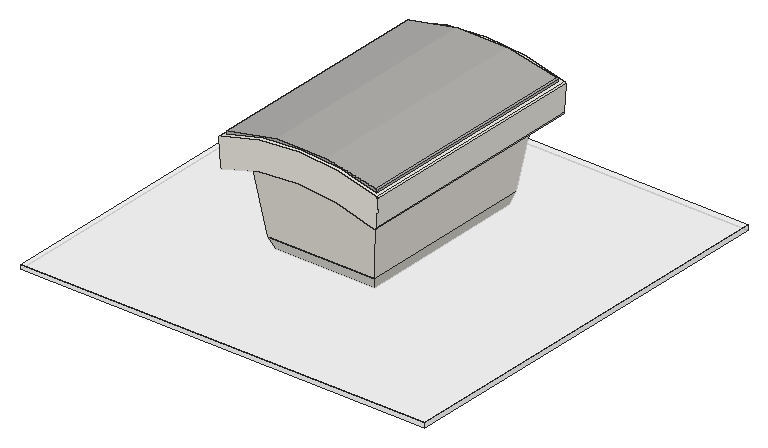
Revit family "BS-1030W", category Communication Devices, host Face, Revit 2016
Family settings
  Host = Face
  Maintain Annotation Orientation = No
  Part Type = Normal
  Round Connector Dimension = Use Diameter
  OmniClass Number = 23.85.10.11.14
  OmniClass Title = Audio Equipment
  Cut with Voids When Loaded = Yes
  Shared = No
  Room Calculation Point = No
Parameters (values of type "BS-1030W")
  Weight = "2.5 kg (unit only)"
  Water Protection = "IPX4 (can be installed vertically or horizontally.*)"
  URL = "http://toa.com.sg"
  Speaker Cord = "2-core cabtyre cord with diameter of 6 mm"
  Speaker Component = "12 cm cone-type + dome-type"
  Sound Pressure Level = "90 dB (1 W, 1 m)"
  Rated Input = "30 W"
  Option = "Mounting bracket: SP-420\r\nApplicable bracket: WCB-13W, SP-410\r\nApplicable stand: ST-16A"
  Model Type = "UNIVERSAL SPEAKER"
  Enclosure Type = "2-way bass-reflex type"
  Rated Impedance = "8Ω\r\n100 V line: 330Ω (30 W), 500Ω (20 W), 670Ω (15 W), 1 kΩ (10 W), 2 kΩ (5 W)\r\n70 V line: 170Ω (30 W), 250Ω (20 W), 330Ω (15 W), 500Ω (10 W), 1 kΩ (5 W)"
  Operating Temperature Range = "–10°C to +50°C"
  Model By = "BIMLIFE PTE LTD"  # constant formula
  Model = "BS-1030B"
  Mesh = White Mesh
  Manufacturer = "TOA Electronics Pte Ltd"  # constant formula
  Supplier Tel = "+65 6835 9119"  # constant formula
  Supplier Fax = "+65 6835 9559"  # constant formula
  Supplier Address = "491B River Valley Road, #19-03/04 Valley Point Office Tower, Singapore 248373"  # constant formula
  Supplier = "TOA Electronics Pte Ltd"  # constant formula
  Suppiler Email = "http://toa.com.sg"  # constant formula
  Material = Pure White
  Frequency Response = "80 Hz– 20 kHz"
  Finish = "Enclosure: ABS resin, white (RAL9010 PURE WHITE), paint\r\nNet: Surface treated steel plate, white (RAL9010 PURE WHITE), powder coating\r\nBracket: Surface treated steel plate, white equivalent to RAL9010 PURE WHITE, powder coating"
  Dimension = "196 (w) x 290 (h) x 150 (d) mm (unit only)"
  Default Elevation = 0 mm
  Copyright To = "TOA Electronics Pte Ltd"  # constant formula
  Accessory = "Bracket•••1, Bracket mounting screw•••2, Bracket mounting washer•••2"
Reference planes
  plane 1 "Center (Front/Back)": y = 0
  plane 2: z = 0
  plane 3 "Center (Left/Right)": x = 0
Forms (mm)
  Extrusion 1, solid, material "Surface"
    sketch origin (1.238, -13.929, 0) x (1, 0, 0) y (0, 1, 0)
      loop
        line (-250, 250) -> (-250, -250) -> (250, -250) -> (250, 250) -> (-250, 250)
    from 0 to -6.497
  Extrusion 2, solid, material "Pure White" <- "Material"
    sketch origin (-434.898, -145, 448.137) x (1, 0, 0) y (0, 0, -1)
      loop
        arc (336.868, 306.287) -> (337.242, 305.06) -> (338.254, 304.288) r 2
        arc (338.254, 304.288) -> (434.898, 288.294) -> (531.543, 304.288) r 300
        arc (531.543, 304.288) -> (532.554, 305.06) -> (532.929, 306.287) r 2
        line (532.929, 306.287) -> (531.234, 338.621)
        arc (531.234, 338.621) -> (530.331, 340.19) -> (528.529, 340.387) r 2
        arc (528.529, 340.387) -> (434.898, 323.294) -> (341.266, 340.387) r 265
        arc (341.266, 340.387) -> (339.466, 340.19) -> (338.562, 338.621) r 2
        line (338.562, 338.621) -> (336.868, 306.287)
    from 0 to 290
  Blend 3, solid, material "Pure White" <- "Material"
    base sketch origin (-77.501, -145, 113.257) x (0, -1, 0) y (1, 0, 0)
      loop
        line (-266.785, 0) -> (-23.215, 0) -> (-23.215, 155) -> (-266.785, 155) -> (-266.785, 0)
    top sketch origin (-77.501, -145, 113.257) x (0, -1, 0) y (1, 0, 0)
      loop
        line (-253.807, 10.914) -> (-36.165, 10.914) -> (-36.165, 143.517) -> (-253.807, 143.517) -> (-253.807, 10.914)
    from 0 to -86.4
  Blend 4, solid, material "Pure White" <- "Material"
    base sketch origin (-77.501, -145, 26.857) x (1, 0, 0) y (0, 1, 0)
      loop
        line (143.517, 36.165) -> (143.517, 253.807) -> (10.914, 253.807) -> (10.914, 36.165) -> (143.517, 36.165)
    top sketch origin (-77.501, -145, 26.857) x (0, -1, 0) y (1, 0, 0)
      loop
        line (-41.165, 15.914) -> (-41.165, 138.517) -> (-248.807, 138.517) -> (-248.807, 15.914) -> (-41.165, 15.914)
    from 0 to -14
  Extrusion 5, solid, material "Pure White" <- "Material"
    sketch origin (-433.661, -145, 462.066) x (1, 0, 0) y (0, 0, -1)
      loop
        arc (356.161, 348.809) -> (433.661, 337.223) -> (511.161, 348.809) r 265
        line (511.161, 348.809) -> (356.161, 348.809)
    from 23.215 to 266.785
  Extrusion 6, solid, material "White Mesh" <- "Mesh"
    sketch origin (-434.898, -145, 456.691) x (1, 0, 0) y (0, 0, -1)
      loop
        arc (343.097, 308.089) -> (434.898, 293.848) -> (526.7, 308.089) r 303
        arc (526.7, 308.089) -> (527.709, 308.815) -> (528.094, 309.995) r 2
        line (528.094, 309.995) -> (528.094, 311.691)
        arc (528.094, 311.691) -> (434.898, 296.848) -> (341.702, 311.691) r 300
        line (341.702, 311.691) -> (341.702, 309.995)
        arc (341.702, 309.995) -> (342.088, 308.815) -> (343.097, 308.089) r 2
    from 5 to 285
  Extrusion 7, solid, material "Pure White" <- "Material", not visible
    sketch origin (0, 0, -21.96) x (1, 0, 0) y (0, 1, 0)
      loop
        arc (336.868, 306.287) -> (337.242, 305.06) -> (338.254, 304.288) r 2
        arc (338.254, 304.288) -> (434.898, 288.294) -> (531.543, 304.288) r 300
        arc (531.543, 304.288) -> (532.554, 305.06) -> (532.929, 306.287) r 2
        line (532.929, 306.287) -> (531.234, 338.621)
        arc (531.234, 338.621) -> (530.331, 340.19) -> (528.529, 340.387) r 2
        arc (528.529, 340.387) -> (434.898, 323.294) -> (341.266, 340.387) r 265
        arc (341.266, 340.387) -> (339.466, 340.19) -> (338.562, 338.621) r 2
        line (338.562, 338.621) -> (336.868, 306.287)
    from 0 to 290
  Blend 8, solid, material "Pure White" <- "Material", not visible
    base sketch origin (357.398, 334.88, -21.96) x (1, 0, 0) y (0, 0, -1)
      loop
        line (0, -266.785) -> (155, -266.785) -> (155, -23.215) -> (0, -23.215) -> (0, -266.785)
    top sketch origin (357.398, 334.88, -21.96) x (1, 0, 0) y (0, 0, -1)
      loop
        line (10.914, -253.807) -> (143.517, -253.807) -> (143.517, -36.165) -> (10.914, -36.165) -> (10.914, -253.807)
    from 0 to -86.4
  Blend 9, solid, material "Pure White" <- "Material", not visible
    base sketch origin (357.398, 248.48, -21.96) x (-1, 0, 0) y (0, 0, -1)
      loop
        line (36.165, 143.517) -> (36.165, 10.914) -> (253.807, 10.914) -> (253.807, 143.517) -> (36.165, 143.517)
    top sketch origin (357.398, 248.48, -21.96) x (1, 0, 0) y (0, 0, -1)
      loop
        line (-41.165, 15.914) -> (-41.165, 138.517) -> (-248.807, 138.517) -> (-248.807, 15.914) -> (-41.165, 15.914)
    from 0 to -14
  Extrusion 10, solid, material "Pure White" <- "Material", not visible
    sketch origin (1.238, -13.929, -21.96) x (1, 0, 0) y (0, 1, 0)
      loop
        arc (356.161, 348.809) -> (433.661, 337.223) -> (511.161, 348.809) r 265
        line (511.161, 348.809) -> (356.161, 348.809)
    from 23.215 to 266.785
  Extrusion 11, solid, material "White Mesh" <- "Mesh", not visible
    sketch origin (0, -8.553, -21.96) x (1, 0, 0) y (0, 1, 0)
      loop
        arc (343.097, 308.089) -> (434.898, 293.848) -> (526.7, 308.089) r 303
        arc (526.7, 308.089) -> (527.709, 308.815) -> (528.094, 309.995) r 2
        line (528.094, 309.995) -> (528.094, 311.691)
        arc (528.094, 311.691) -> (434.898, 296.848) -> (341.702, 311.691) r 300
        line (341.702, 311.691) -> (341.702, 309.995)
        arc (341.702, 309.995) -> (342.088, 308.815) -> (343.097, 308.089) r 2
    from 5 to 285
Cuts and joins
  joined: Blend 3, Extrusion 5
Dimensions and locks
  aligned and locked: plane 2 to Extrusion 1
  aligned and locked: level to Extrusion 1
